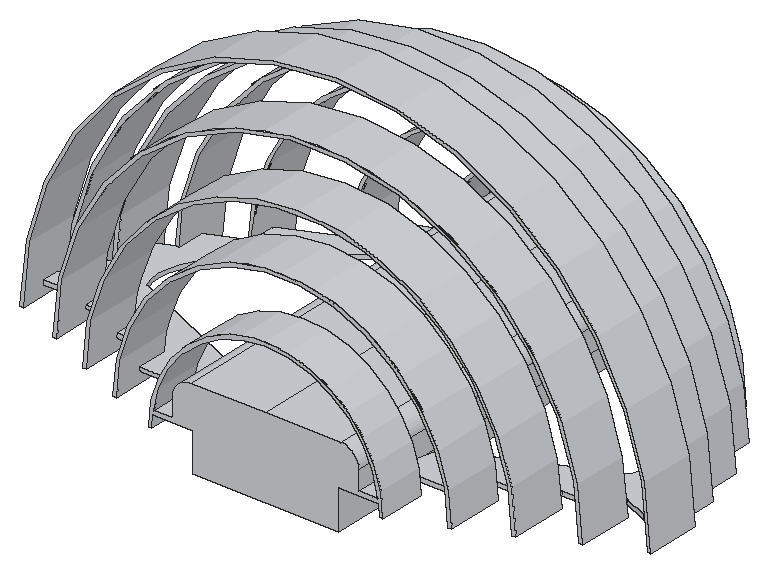
Revit family "CONV_Zero_GnrlPrpseLmnrs_PXLWall", category Lighting Fixtures, host Face, Revit 2015
Parameters (values of type "E27/max 20W Galvanized")
  Weight = "1.5 kg"
  Wattage = 3.50069 W
  WarrantyStartDate [instance] = "n/a"
  WarrantyGuarantorParts = "n/a"
  WarrantyGuarantorLabor = "n/a"
  WarrantyDurationUnit = "Year"
  WarrantyDurationParts = "n/a"
  WarrantyDurationLabor = "n/a"
  WarrantyDescription = "n/a"
  built-in parameter 1150110 = 1 (stored number, unit not read)
  VersionDate = "07/02/2018"  # constant formula
  Version = "1"  # constant formula
  UsageCurrent = 0 A
  Uniclass2015Reference = "Pr_70_70_48_85"
  Uniclass2015Description = "Surface luminaires"
  Uniclass2 = "Pr_70_70_49"
  URL = "https://www.zerolighting.com/pxl-inomva/"
  TotalWattage = 8 W
  built-in parameter 1114217 = 1 (stored number, unit not read)
  Tilt Angle = 0.00°
  built-in parameter 1150109 = 1 (stored number, unit not read)
  built-in parameter 1150134 = (empty or 0)
  TagNumber [instance] = "n/a"
  SustainabilityPerformance = "n/a"
  built-in parameter 1150113 = 1 (stored number, unit not read)
  Size = "350x230x190 mm"
  Shape = "Sculptured"
  SerialNumber [instance] = "n/a"
  Revision = "n/a"
  ReplacementCost = "n/a"
  ProductInformation = "n/a"
  Photometric Web File = "PXL7795-1.IES"
  PhaseReference = "n/a"
  PhaseAngle = 0.00°
  NumberOfSources = 0
  NumberOfPoles = 1
  NominalWidth = 230 mm
  NominalVoltageCalc = 0 V
  NominalVoltage = 230 V
  NominalLength = 350 mm
  NominalHeight = 190 mm
  NominalFrequencyRange = 50 Hz
  NominalCurrent = 0 A
  Name = "GnrlPrpseLmnrs_PXLWall"
  NBSReference = "90-60-50/405"
  NBSDescription = "General purpose luminaires"
  Model = "PXL wall E27/max 20W Galvanized"
  Manufacturer = "Zero"
  ModelReference = "n/a"
  ModelNumber = ArticleNumber  # "7773-1-83"
  Material = "Metal"
  ManufacturersSpecificInformation = "n/a"
  ManufacturerURL = "https://www.zerolighting.com/"
  ManufacturerName = "Zero"
  MaintenanceFactor = 0
  built-in parameter 1150105 = 116.79 (stored number, unit not read)
  Lumens = 520 lm
  built-in parameter 1150115 = 1 (stored number, unit not read)
  LightFixturePlacingType = "Wall"
  LightFixtureMountingType = "Surface"
  LightFixtureMainMaterial = Galvanized Metal
  built-in parameter 1150137 = (empty or 0)
  built-in parameter 1150139 = (empty or 0)
  built-in parameter 1150112 = 1 (stored number, unit not read)
  built-in parameter 1150114 = 1 (stored number, unit not read)
  InsulationStandardClass = "n/a"
  InstallationDate [instance] = "n/a"
  built-in parameter 1150132 = 2
  built-in parameter 1150102 = (empty or 0)
  built-in parameter 1150107 = 3000 (stored number, unit not read)
  built-in parameter 1150138 = (empty or 0)
  built-in parameter 1150106 = 1.1679 (stored number, unit not read)
  IfcExportType = "NOTDEFINED"  # constant formula
  IfcExportAs = "IfcLightFixtureType"  # constant formula
  IP_Code = "IP44"
  HasProtectiveEarth = yes
  Grade = "n/a"
  Finish = "Painted metal"
  Features = "Snap-in terminal block 3x4mm2. Knockout for external mains cable from above"
  ExpiringDate = "08/2018"  # constant formula
  ExpectedLife = "n/a"
  Emit from Rectangle Width = 609.6 mm
  Emit from Rectangle Length = 1219.2 mm
  Emit Shape Visible in Rendering = no
  ElectricalDeviceNominalPower = 0
  built-in parameter 1150104 = 13.8 (stored number, unit not read)
  EANNumber = "n/a"
  DurationUnit = "Year"
  Dimming Lamp Color Temperature Shift = <None>
  Dimming = "None"
  Designer = "Fredrik Mattson"
  Default Elevation = 0 mm
  ConvergoRefNr = "0046-1708-0079-SE"
  Constituents = "n/a"
  Color Filter = 16777215
  Color = "Metallic"
  Collection = "PXL"
  CodePerformance = "n/a"
  Category = "Wall"
  Brand = "Zero"
  Barcode [instance] = "n/a"
  built-in parameter 1114218 = 1 (stored number, unit not read)
  BIMObjectName = "CONV_Zero_GnrlPrpseLmnrs_PXLWall"
  Author = "Convergo AB"  # constant formula
  built-in parameter 1150133 = 10 (stored number, unit not read)
  AssetType = "Fixed"
  AssetIdentifier [instance] = "n/a"
  ArticleNumber = "7773-1-83"
  AccessibilityPerformance = "n/a"
Types (5, lengths in mm): name | Model | ModelNumber | LightFixtureMainMaterial | Color | ArticleNumber
  (no name) | "PXL wall E27/max 20W Galvanized" | "7773-1-83" | Galvanized Metal | "Metallic" | "7773-1-83"
  LED 8W White | "PXL wall LED 8W White" | "7795-1-01" | White Metal | "White" | "7795-1-01"
  E27/max 20W Galvanized | "PXL wall E27/max 20W Galvanized" | "7773-1-83" | Galvanized Metal | "Metallic" | "7773-1-83"
  E27/max 20W White | "PXL wall E27/max 20W White" | "7773-1-01" | White Metal | "White" | "7773-1-01"
  LED 8W Galvanized | "PXL wall LED 8W Galvanized" | "7795-1-83" | Galvanized Metal | "Metallic" | "7795-1-83"
Reference planes
  plane 1 "Center (Front/Back)": y = 0
  plane 2: z = 0
  plane 3 "Center (Left/Right)": x = 0
  plane 4: y = 115
  plane 5: y = -115
  plane 6: x = -175
  plane 7: x = 175
  plane 8: z = 190
Forms (mm)
  Extrusion 1, solid, material "Galvanized Metal" <- "LightFixtureMainMaterial", detail levels coarse
    sketch origin (0, 0, 0) x (0, 1, 0) y (0, 0, 1)
      loop
        line (115, 190) -> (-115, 190) -> (-115, 0) -> (115, 0) -> (115, 190)
    from -175 to 175
Dimensions and locks
  equal spacing: plane 4, plane 1 "Center (Front/Back)", plane 5
  "NominalWidth": plane 4 to plane 5
  equal spacing: plane 6, plane 3 "Center (Left/Right)", plane 7
  "NominalLength": plane 6 to plane 7
  "NominalHeight": plane 8 to host face
  aligned and locked: plane 2 to host face
  aligned and locked: level to host face
  aligned and locked: plane 8 to Extrusion 1 sketch curve
  aligned and locked: Extrusion 1 sketch curve to level
  aligned and locked: Extrusion 1 to plane 6
  aligned and locked: plane 7 to Extrusion 1
  aligned and locked: plane 4 to Extrusion 1
  aligned and locked: Extrusion 1 to plane 5
  aligned and locked: Extrusion 1 to host face
Automatic sketch dimensions
  host sketch curve to host sketch curve = 2438.4 mm  (x2)
  plane 5 to Extrusion 1 sketch curve = 0 mm
  Extrusion 1 sketch curve to plane 4 = 0 mm
Nested families
  nested 1: "pxl_out" at (0, 0, 0), type "pxl_out"
    with Main none
Connectors
  electrical at (0, 0, 0), driven by "NominalVoltage"
    settings: on Extrusion 1, index 1, voltage 230 V, apparent load 0 VA, apparent load phase1 0 VA, apparent load phase2 0 VA, apparent load phase3 0 VA, power factor 1, load classification "Other", number of poles 1, system type 31, power factor state 1, is connector primary yes, connector utility no, sub classification motor no, connector description ""
Definition of nested family "pxl_out"
  Parameters (values of type "pxl_out")
    Main [instance] = none
  Reference planes
    plane 1 "Center (Front/Back)": y = 0
    plane 2: z = 0
    plane 3 "Center (Left/Right)": x = 0
    plane 4: y = 115
    plane 5: y = -115
    plane 6: x = 175
    plane 7: x = -175
    plane 8: z = 190
  Forms (mm)
    Extrusion 1, solid, material <- "Main", detail levels medium+fine
      sketch origin (0, 0, 0) x (1, 0, 0) y (0, 0, 1)
        loop
          arc (175, 15) -> (0, 190) -> (-175, 15) r 175
          line (-175, 15) -> (-173, 15)
          arc (-173, 15) -> (0, 188) -> (173, 15) r 173
          line (173, 15) -> (175, 15)
      from 36.5 to 66.5
    Extrusion 2, solid, material <- "Main", detail levels medium+fine
      sketch origin (0, 0, 0) x (1, 0, 0) y (0, 0, 1)
        loop
          line (-167.497, 15) -> (-165.497, 15)
          arc (-165.497, 15) -> (0.003, 180.5) -> (165.503, 15) r 165.5
          line (165.503, 15) -> (167.503, 15)
          arc (167.503, 15) -> (0.003, 182.5) -> (-167.497, 15) r 167.5
      from 14.5 to 44.5
    Extrusion 3, solid, material <- "Main", detail levels medium+fine
      sketch origin (0, 0, 0) x (1, 0, 0) y (0, 0, 1)
        loop
          arc (160, 15) -> (0, 175) -> (-160, 15) r 160
          line (-160, 15) -> (-158, 15)
          arc (-158, 15) -> (0, 173) -> (158, 15) r 158
          line (158, 15) -> (160, 15)
      from -11.194 to 22.5
    Extrusion 4, solid, material <- "Main", detail levels medium+fine
      sketch origin (0, 0, 0) x (1, 0, 0) y (0, 0, 1)
        loop
          arc (147, 15) -> (0, 162) -> (-147, 15) r 147
          line (-147, 15) -> (-145, 15)
          arc (-145, 15) -> (0, 160) -> (145, 15) r 145
          line (145, 15) -> (147, 15)
      from -35.878 to -4.99
    Extrusion 5, solid, material <- "Main", detail levels medium+fine
      sketch origin (0, 0, 0) x (1, 0, 0) y (0, 0, 1)
        loop
          line (-126, 15) -> (-124, 15)
          arc (-124, 15) -> (0, 139) -> (124, 15) r 124
          line (124, 15) -> (126, 15)
          arc (126, 15) -> (0, 141) -> (-126, 15) r 126
      from -60.428 to -29.407
    Extrusion 6, solid, material <- "Main", detail levels medium+fine
      sketch origin (0, 0, 0) x (1, 0, 0) y (0, 0, 1)
        loop
          arc (120, 15) -> (0, 135) -> (-120, 15) r 120
          line (-120, 15) -> (-118, 15)
          arc (-118, 15) -> (0, 133) -> (118, 15) r 118
          line (118, 15) -> (120, 15)
      from 59.988 to 91.775
    Extrusion 7, solid, material <- "Main", detail levels medium+fine
      sketch origin (0, -83.883, 0) x (1, 0, 0) y (0, 0, 1)
        loop
          arc (147, 15) -> (0, 162) -> (-147, 15) r 147
          line (-147, 15) -> (-145, 15)
          arc (-145, 15) -> (0, 160) -> (145, 15) r 145
          line (145, 15) -> (147, 15)
      from -35.878 to -4.99
    Extrusion 8, solid, material <- "Main", detail levels medium+fine
      sketch origin (0, 0, 0) x (1, 0, 0) y (0, 0, 1)
        loop
          arc (94, 15) -> (0, 109) -> (-94, 15) r 94
          line (-94, 15) -> (-92, 15)
          arc (-92, 15) -> (0, 107) -> (92, 15) r 92
          line (92, 15) -> (94, 15)
      from -90.347 to -58.279
    Extrusion 9, solid, material <- "Main", detail levels medium+fine
      sketch origin (0, 0, 0) x (1, 0, 0) y (0, 0, 1)
        loop
          arc (65, 15) -> (0, 80) -> (-65, 15) r 65
          line (-65, 15) -> (-63, 15)
          arc (-63, 15) -> (0, 78) -> (63, 15) r 63
          line (63, 15) -> (65, 15)
      from -115 to -88.667
    Extrusion 10, solid, material <- "Main", detail levels medium+fine
      sketch origin (0, -203.667, 0) x (1, 0, 0) y (0, 0, 1)
        loop
          arc (65, 15) -> (0, 80) -> (-65, 15) r 65
          line (-65, 15) -> (-63, 15)
          arc (-63, 15) -> (0, 78) -> (63, 15) r 63
          line (63, 15) -> (65, 15)
      from -115 to -88.667
    Extrusion 11, solid, material <- "Main", detail levels medium+fine
      sketch origin (0, -161.87, 0) x (1, 0, 0) y (0, 0, 1)
        loop
          arc (94, 15) -> (0, 109) -> (-94, 15) r 94
          line (-94, 15) -> (-92, 15)
          arc (-92, 15) -> (0, 107) -> (92, 15) r 92
          line (92, 15) -> (94, 15)
      from -90.347 to -58.279
    Extrusion 12, solid, material <- "Main", detail levels medium+fine
      sketch origin (0, 0, 0) x (1, 0, 0) y (0, 0, 1)
        loop
          arc (51.669, 34.617) -> (48.74, 41.688) -> (41.669, 44.617) r 10
          line (41.669, 44.617) -> (0, 44.617) -> (-41.669, 44.617)
          arc (-41.669, 44.617) -> (-48.74, 41.688) -> (-51.669, 34.617) r 10
          line (-51.669, 34.617) -> (-51.669, 21.7) -> (-40.424, 21.7) -> (-40.424, 0) -> (0, 0) -> (40.424, 0) -> (40.424, 21.7) -> (51.669, 21.7) -> (51.669, 34.617)
      from -100 to 115
    Extrusion 13, solid, material <- "Main", detail levels medium+fine
      sketch origin (0, 0, 0) x (0, 1, 0) y (0, 0, 1)
        loop
          line (51.586, 139) -> (29.407, 139) -> (17.767, 160) -> (4.99, 160) -> (-8.01, 173) -> (-22.5, 173) -> (-30, 180.5) -> (-44.5, 180.5) -> (-45.726, 184.509) -> (-54.646, 184.509) -> (-54.646, 179.509) -> (-49.426, 179.509) -> (-48.2, 175.5) -> (-32.071, 175.5) -> (-24.571, 168) -> (-10.081, 168) -> (2.919, 155) -> (14.821, 155) -> (26.462, 134) -> (51.586, 134) -> (51.586, 139)
      from -1 to 1
    Extrusion 14, solid, material <- "Main", detail levels medium+fine
      sketch origin (0, 0, 0) x (1, 0, 0) y (0, 1, 0)
        loop
          line (0, 100) -> (-63, 100) -> (-63, 88.667) -> (-92, 78.112) -> (-92, 58.279) -> (-124, 44.032) -> (-124, 29.407) -> (-145, 20.057) -> (-145, 4.99) -> (-158, -0.798) -> (-158, -22.5) -> (-164.003, -25.173) -> (-164.003, -44.5) -> (-173, -44.5) -> (-173, -54.5) -> (-161.438, -54.5) -> (-146.849, -48.004) -> (-145, -48.004) -> (-145, -59.988) -> (-120, -59.988) -> (-118, -59.988) -> (-118, -71.523) -> (-92, -71.523) -> (-92, -88.667) -> (-63, -88.667) -> (-63, -115) -> (0, -115) -> (63, -115) -> (63, -88.667) -> (92, -88.667) -> (92, -71.523) -> (118, -71.523) -> (118, -59.988) -> (120, -59.988) -> (145, -59.988) -> (145, -48.004) -> (146.849, -48.004) -> (161.438, -54.5) -> (173, -54.5) -> (173, -44.5) -> (164.003, -44.5) -> (164.003, -25.173) -> (158, -22.5) -> (158, -0.798) -> (145, 4.99) -> (145, 20.057) -> (124, 29.407) -> (124, 44.032) -> (92, 58.279) -> (92, 78.112) -> (63, 88.667) -> (63, 100) -> (0, 100)
        loop
          arc (134.028, -30.031) -> (135.631, -12.752) -> (127.148, 2.385) r 29.201
          line (127.148, 2.385) -> (46.967, 78.329) -> (0, 78.329) -> (-46.967, 78.329) -> (-127.148, 2.385)
          arc (-127.148, 2.385) -> (-135.631, -12.752) -> (-134.028, -30.031) r 29.201
          line (-134.028, -30.031) -> (-56.377, -64.603) -> (-51.669, -82.562) -> (0, -82.562) -> (51.669, -82.562) -> (56.377, -64.603) -> (134.028, -30.031)
      from 21.7 to 24.033
  Cuts and joins
    joined: Extrusion 5, Extrusion 6, Extrusion 8, Extrusion 9, Extrusion 10, Extrusion 11, Extrusion 12, Extrusion 14
  Lines and regions (mm)
    symbolic lines, detail levels medium+fine
      curve 1: line (65, 115, 0) -> (-65, 115, 0)
      curve 2: line (94, 90.347, 0) -> (65, 90.347, 0)
      curve 3: line (126, 60.428, 0) -> (94, 60.428, 0)
      curve 4: line (147, 35.878, 0) -> (126, 35.878, 0)
      curve 5: line (160, 11.194, 0) -> (147, 11.194, 0)
      curve 6: line (167.503, -14.5, 0) -> (160, -14.5, 0)
      curve 7: line (175, -36.5, 0) -> (167.503, -36.5, 0)
      curve 8: line (-175, -66.5, 0) -> (-147, -66.5, 0)
      curve 9: line (-147, -78.893, 0) -> (-120, -78.893, 0)
      curve 10: line (-120, -91.775, 0) -> (-94, -91.775, 0)
      curve 11: line (-94, -103.591, 0) -> (-65, -103.591, 0)
      curve 12: line (-65, -115, 0) -> (65, -115, 0)
      curve 13: line (-65, 115, 0) -> (-65, 90.347, 0)
      curve 14: line (-94, 90.347, 0) -> (-94, 60.428, 0)
      curve 15: line (-126, 60.428, 0) -> (-126, 35.878, 0)
      curve 16: line (-147, 35.878, 0) -> (-147, 11.194, 0)
      curve 17: line (-160, 11.194, 0) -> (-160, -14.5, 0)
      curve 18: line (-167.497, -14.5, 0) -> (-167.497, -36.5, 0)
      curve 19: line (-175, -36.5, 0) -> (-175, -66.5, 0)
      curve 20: line (-147, -66.5, 0) -> (-147, -78.893, 0)
      curve 21: line (-120, -78.893, 0) -> (-120, -91.775, 0)
      curve 22: line (-94, -91.775, 0) -> (-94, -103.591, 0)
      curve 23: line (-65, -103.591, 0) -> (-65, -115, 0)
      curve 24: line (65, 115, 0) -> (65, 90.347, 0)
      curve 25: line (94, 90.347, 0) -> (94, 60.428, 0)
      curve 26: line (126, 60.428, 0) -> (126, 35.878, 0)
      curve 27: line (147, 35.878, 0) -> (147, 11.194, 0)
      curve 28: line (160, 11.194, 0) -> (160, -14.5, 0)
      curve 29: line (167.503, -14.5, 0) -> (167.503, -36.5, 0)
      curve 30: line (175, -36.5, 0) -> (175, -66.5, 0)
      curve 31: line (147, -66.5, 0) -> (147, -78.893, 0)
      curve 32: line (120, -78.893, 0) -> (120, -91.775, 0)
      curve 33: line (94, -91.775, 0) -> (94, -103.591, 0)
      curve 34: line (65, -103.591, 0) -> (65, -115, 0)
      curve 35: line (-65, 90.347, 0) -> (-94, 90.347, 0)
      curve 37: line (-94, 60.428, 0) -> (-126, 60.428, 0)
      curve 39: line (-126, 35.878, 0) -> (-147, 35.878, 0)
      curve 42: line (-147, 11.194, 0) -> (-160, 11.194, 0)
      curve 43: line (-160, -14.5, 0) -> (-167.497, -14.5, 0)
      curve 46: line (147, -66.5, 0) -> (175, -66.5, 0)
      curve 47: line (120, -78.893, 0) -> (147, -78.893, 0)
      curve 50: line (94, -91.775, 0) -> (120, -91.775, 0)
      curve 51: line (65, -103.591, 0) -> (94, -103.591, 0)
      curve 53: line (0, 115, 15) -> (0, 115, 80)
      curve 60: line (0, -66.5, 190) -> (0, -66.5, 162)
      curve 61: line (0, -78.893, 162) -> (0, -78.893, 135)
      curve 62: line (0, -91.775, 135) -> (0, -91.775, 109)
      curve 63: line (0, -103.591, 109) -> (0, -103.591, 80)
      curve 64: line (0, -115, 80) -> (0, -115, 0)
      curve 65: line (0, -115, 0) -> (0, 100, 0)
      curve 66: line (0, 115, 15) -> (0, 100, 15)
      curve 67: line (0, 100, 0) -> (0, 100, 15)
      curve 68: line (0, 115, 80) -> (0, 90.347, 80)
      curve 69: line (0, 90.347, 109) -> (0, 60.428, 109)
      curve 70: line (0, 60.428, 141) -> (0, 35.878, 141)
      curve 71: line (0, 35.878, 162) -> (0, 11.194, 162)
      curve 72: line (0, 11.194, 175) -> (0, -14.5, 175)
      curve 73: line (0, -14.5, 182.5) -> (0, -36.5, 182.5)
      curve 74: line (0, -36.5, 190) -> (0, -66.5, 190)
      curve 75: line (0, -78.893, 162) -> (0, -66.5, 162)
      curve 76: line (0, -91.775, 135) -> (0, -78.893, 135)
      curve 77: line (0, -103.591, 109) -> (0, -91.775, 109)
      curve 78: line (0, -115, 80) -> (0, -103.591, 80)
      curve 79: line (0, 90.347, 80) -> (0, 90.347, 109)
      curve 80: line (0, 60.428, 109) -> (0, 60.428, 141)
      curve 81: line (0, 35.878, 141) -> (0, 35.878, 162)
      curve 82: line (0, 11.194, 162) -> (0, 11.194, 175)
      curve 83: line (0, -14.5, 175) -> (0, -14.5, 182.5)
      curve 84: line (0, -36.5, 182.5) -> (0, -36.5, 190)
      curve 90: arc (175, 0, 15) -> (0, 0, 190) -> (-175, 0, 15) r 175
      curve 91: arc (-173, 0, 15) -> (-172.968, 0, 18.351) -> (-172.87, 0, 21.7) r 173
      curve 92: arc (167.503, 0, 15) -> (167.469, 0, 18.351) -> (167.369, 0, 21.7) r 167.5
      curve 93: arc (-165.497, 0, 15) -> (-165.463, 0, 18.351) -> (-165.362, 0, 21.7) r 165.5
      curve 94: arc (160, 0, 15) -> (159.965, 0, 18.351) -> (159.86, 0, 21.7) r 160
      curve 95: arc (-158, 0, 15) -> (-157.965, 0, 18.351) -> (-157.858, 0, 21.7) r 158
      curve 96: arc (147, 0, 15) -> (146.962, 0, 18.351) -> (146.847, 0, 21.7) r 147
      curve 97: arc (-145, 0, 15) -> (-144.961, 0, 18.351) -> (-144.845, 0, 21.7) r 145
      curve 98: arc (126, 0, 15) -> (125.955, 0, 18.351) -> (125.822, 0, 21.7) r 126
      curve 99: arc (-124, 0, 15) -> (-123.955, 0, 18.351) -> (-123.819, 0, 21.7) r 124
      curve 100: arc (120, 0, 15) -> (119.953, 0, 18.351) -> (119.813, 0, 21.7) r 120
      curve 101: arc (-118, 0, 15) -> (-117.952, 0, 18.351) -> (-117.81, 0, 21.7) r 118
      curve 102: arc (94, 0, 15) -> (93.94, 0, 18.352) -> (93.761, 0, 21.7) r 94
      curve 103: arc (-92, 0, 15) -> (-91.939, 0, 18.352) -> (-91.756, 0, 21.7) r 92
      curve 104: arc (65, 0, 15) -> (64.913, 0, 18.355) -> (64.654, 0, 21.7) r 65
      curve 105: arc (-63, 0, 15) -> (-62.911, 0, 18.355) -> (-62.643, 0, 21.7) r 63
      curve 107: line (-172.87, 0, 21.7) -> (-167.363, 0, 21.7)
      curve 111: line (-40.424, 0, 21.7) -> (-40.424, 0, 0)
      curve 112: line (-40.424, 0, 0) -> (0, 0, 0)
      curve 113: line (0, 0, 0) -> (40.424, 0, 0)
      curve 114: line (40.424, 0, 0) -> (40.424, 0, 21.7)
      curve 118: line (-175, 0, 15) -> (-173, 0, 15)
      curve 119: line (-167.497, 0, 15) -> (-165.497, 0, 15)
      curve 120: line (-160, 0, 15) -> (-158, 0, 15)
      curve 121: line (-147, 0, 15) -> (-145, 0, 15)
      curve 122: line (-126, 0, 15) -> (-124, 0, 15)
      curve 123: line (-120, 0, 15) -> (-118, 0, 15)
      curve 124: line (-94, 0, 15) -> (-92, 0, 15)
      curve 125: line (-65, 0, 15) -> (-63, 0, 15)
      curve 126: line (63, 0, 15) -> (65, 0, 15)
      curve 127: line (92, 0, 15) -> (94, 0, 15)
      curve 128: line (118, 0, 15) -> (120, 0, 15)
      curve 129: line (124, 0, 15) -> (126, 0, 15)
      curve 130: line (145, 0, 15) -> (147, 0, 15)
      curve 131: line (158, 0, 15) -> (160, 0, 15)
      curve 132: line (165.503, 0, 15) -> (167.503, 0, 15)
      curve 133: line (173, 0, 15) -> (175, 0, 15)
      curve 135: line (-165.362, 0, 21.7) -> (-159.86, 0, 21.7)
      curve 137: line (-157.858, 0, 21.7) -> (-146.847, 0, 21.7)
      curve 139: line (-144.845, 0, 21.7) -> (-125.822, 0, 21.7)
      curve 141: line (-123.819, 0, 21.7) -> (-119.813, 0, 21.7)
      curve 143: line (-117.81, 0, 21.7) -> (-93.761, 0, 21.7)
      curve 145: line (-91.756, 0, 21.7) -> (-64.654, 0, 21.7)
      curve 147: line (-62.643, 0, 21.7) -> (-51.669, 0, 21.7)
      curve 149: line (-51.669, 0, 21.7) -> (-40.424, 0, 21.7)
      curve 155: line (167.369, 0, 21.7) -> (172.87, 0, 21.7)
      curve 156: line (159.86, 0, 21.7) -> (165.367, 0, 21.7)
      curve 158: line (146.847, 0, 21.7) -> (157.858, 0, 21.7)
      curve 160: line (125.822, 0, 21.7) -> (144.845, 0, 21.7)
      curve 162: line (119.813, 0, 21.7) -> (123.819, 0, 21.7)
      curve 164: line (93.761, 0, 21.7) -> (117.81, 0, 21.7)
      curve 166: line (64.654, 0, 21.7) -> (91.756, 0, 21.7)
      curve 169: arc (-167.363, 0, 21.7) -> (-167.464, 0, 18.351) -> (-167.497, 0, 15) r 167.5
      curve 171: arc (-159.86, 0, 21.7) -> (-159.965, 0, 18.351) -> (-160, 0, 15) r 160
      curve 173: arc (-146.847, 0, 21.7) -> (-146.962, 0, 18.351) -> (-147, 0, 15) r 147
      curve 175: arc (-125.822, 0, 21.7) -> (-125.955, 0, 18.351) -> (-126, 0, 15) r 126
      curve 177: arc (-119.813, 0, 21.7) -> (-119.953, 0, 18.351) -> (-120, 0, 15) r 120
      curve 179: arc (-93.761, 0, 21.7) -> (-93.94, 0, 18.352) -> (-94, 0, 15) r 94
      curve 181: arc (-64.654, 0, 21.7) -> (-64.913, 0, 18.355) -> (-65, 0, 15) r 65
      curve 183: arc (62.643, 0, 21.7) -> (62.911, 0, 18.355) -> (63, 0, 15) r 63
      curve 185: arc (91.756, 0, 21.7) -> (91.939, 0, 18.352) -> (92, 0, 15) r 92
      curve 187: arc (117.81, 0, 21.7) -> (117.952, 0, 18.351) -> (118, 0, 15) r 118
      curve 189: arc (123.819, 0, 21.7) -> (123.955, 0, 18.351) -> (124, 0, 15) r 124
      curve 191: arc (144.845, 0, 21.7) -> (144.961, 0, 18.351) -> (145, 0, 15) r 145
      curve 193: arc (157.858, 0, 21.7) -> (157.964, 0, 18.351) -> (158, 0, 15) r 158
      curve 195: arc (165.367, 0, 21.7) -> (165.469, 0, 18.351) -> (165.503, 0, 15) r 165.5
      curve 197: arc (172.87, 0, 21.7) -> (172.968, 0, 18.351) -> (173, 0, 15) r 173
      curve 198: line (40.424, 0, 21.7) -> (62.643, 0, 21.7)
      curve 199: line (-167.497, -36.5, 0) -> (-175, -36.5, 0)
    symbolic lines, detail levels fine
      curve 36: line (65, 90.347, 0) -> (-65, 90.347, 0)
      curve 38: line (94, 60.428, 0) -> (-94, 60.428, 0)
      curve 40: line (126, 35.878, 0) -> (-126, 35.878, 0)
      curve 41: line (147, 11.194, 0) -> (-147, 11.194, 0)
      curve 44: line (160, -14.5, 0) -> (-160, -14.5, 0)
      curve 45: line (-147, -66.5, 0) -> (147, -66.5, 0)
      curve 48: line (-120, -78.893, 0) -> (120, -78.893, 0)
      curve 49: line (-94, -91.775, 0) -> (94, -91.775, 0)
      curve 52: line (-65, -103.591, 0) -> (65, -103.591, 0)
      curve 54: line (0, 90.347, 15) -> (0, 90.347, 80)
      curve 55: line (0, 60.428, 15) -> (0, 60.428, 109)
      curve 56: line (0, 35.878, 15) -> (0, 35.878, 141)
      curve 57: line (0, 11.194, 15) -> (0, 11.194, 162)
      curve 58: line (0, -14.5, 15) -> (0, -14.5, 175)
      curve 59: line (0, -36.5, 15) -> (0, -36.5, 182.5)
      curve 85: line (0, -66.5, 162) -> (0, -66.5, 15)
      curve 86: line (0, -78.893, 135) -> (0, -78.893, 15)
      curve 87: line (0, -91.775, 109) -> (0, -91.775, 15)
      curve 88: line (0, -103.591, 80) -> (0, -103.591, 15)
      curve 89: line (0, 100, 15) -> (0, -115, 15)
      curve 106: line (172.764, 0, 24.033) -> (167.259, 0, 24.033)
      curve 108: line (0, 0, 44.617) -> (-41.669, 0, 44.617)
      curve 109: arc (-41.669, 0, 44.617) -> (-48.74, 0, 41.688) -> (-51.669, 0, 34.617) r 10
      curve 110: line (-51.669, 0, 34.617) -> (-51.669, 0, 24.033)
      curve 115: line (41.669, 0, 44.617) -> (0, 0, 44.617)
      curve 116: arc (51.669, 0, 34.617) -> (48.74, 0, 41.688) -> (41.669, 0, 44.617) r 10
      curve 117: line (51.669, 0, 21.7) -> (51.669, 0, 24.033)
      curve 134: line (-167.253, 0, 24.033) -> (-172.764, 0, 24.033)
      curve 136: line (-159.745, 0, 24.033) -> (-165.251, 0, 24.033)
      curve 138: line (-146.722, 0, 24.033) -> (-157.742, 0, 24.033)
      curve 140: line (-125.676, 0, 24.033) -> (-144.718, 0, 24.033)
      curve 142: line (-119.66, 0, 24.033) -> (-123.671, 0, 24.033)
      curve 144: line (-93.565, 0, 24.033) -> (-117.654, 0, 24.033)
      curve 146: line (-64.369, 0, 24.033) -> (-91.555, 0, 24.033)
      curve 148: line (-51.669, 0, 24.033) -> (-51.669, 0, 21.7)
      curve 150: line (-40.424, 0, 21.7) -> (40.424, 0, 21.7)
      curve 151: line (-51.669, 0, 24.033) -> (-62.349, 0, 24.033)
      curve 152: line (51.669, 0, 24.033) -> (51.669, 0, 34.617)
      curve 153: line (165.256, 0, 24.033) -> (159.745, 0, 24.033)
      curve 154: arc (167.259, 0, 24.033) -> (-1.165, 0, 182.496) -> (-167.363, 0, 21.7) r 167.5
      curve 157: line (157.741, 0, 24.033) -> (146.722, 0, 24.033)
      curve 159: line (144.718, 0, 24.033) -> (125.676, 0, 24.033)
      curve 161: line (123.671, 0, 24.033) -> (119.66, 0, 24.033)
      curve 163: line (117.654, 0, 24.033) -> (93.565, 0, 24.033)
      curve 165: line (91.555, 0, 24.033) -> (64.369, 0, 24.033)
      curve 167: line (62.349, 0, 24.033) -> (51.669, 0, 24.033)
      curve 168: arc (-172.87, 0, 21.7) -> (0, 0, 188) -> (172.87, 0, 21.7) r 173
      curve 170: arc (-165.362, 0, 21.7) -> (0.003, 0, 180.5) -> (165.367, 0, 21.7) r 165.5
      curve 172: arc (-157.858, 0, 21.7) -> (0, 0, 173) -> (157.858, 0, 21.7) r 158
      curve 174: arc (-144.845, 0, 21.7) -> (0, 0, 160) -> (144.845, 0, 21.7) r 145
      curve 176: arc (-123.819, 0, 21.7) -> (0, 0, 139) -> (123.819, 0, 21.7) r 124
      curve 178: arc (-117.81, 0, 21.7) -> (0, 0, 133) -> (117.81, 0, 21.7) r 118
      curve 180: arc (-91.756, 0, 21.7) -> (0, 0, 107) -> (91.756, 0, 21.7) r 92
      curve 182: arc (-62.643, 0, 21.7) -> (0, 0, 78) -> (62.643, 0, 21.7) r 63
      curve 184: arc (64.654, 0, 21.7) -> (0, 0, 80) -> (-64.654, 0, 21.7) r 65
      curve 186: arc (93.761, 0, 21.7) -> (0, 0, 109) -> (-93.761, 0, 21.7) r 94
      curve 188: arc (119.813, 0, 21.7) -> (0, 0, 135) -> (-119.813, 0, 21.7) r 120
      curve 190: arc (125.822, 0, 21.7) -> (0, 0, 141) -> (-125.822, 0, 21.7) r 126
      curve 192: arc (146.847, 0, 21.7) -> (0, 0, 162) -> (-146.847, 0, 21.7) r 147
      curve 194: arc (159.86, 0, 21.7) -> (0, 0, 175) -> (-159.86, 0, 21.7) r 160
      curve 196: arc (167.369, 0, 21.7) -> (167.318, 0, 22.867) -> (167.259, 0, 24.033) r 167.5
      curve 200: line (167.503, -36.5, 0) -> (-167.497, -36.5, 0)
  Dimensions and locks
    equal spacing: plane 4, plane 1 "Center (Front/Back)", plane 5
    plane 4 to plane 5 = 230 mm
    equal spacing: plane 7, plane 3 "Center (Left/Right)", plane 6
    plane 7 to plane 6 = 350 mm
    plane 8 to level = 190 mm
    aligned and locked: level to plane 2
    aligned and locked: curve 1 to cut or joined group 1 (Extrusion 5, Extrusion 6, Extrusion 8, Extrusion 9, Extrusion 10, Extrusion 11, Extrusion 12, Extrusion 14)
    aligned and locked: curve 2 to cut or joined group 1
    aligned and locked: curve 3 to cut or joined group 1
    aligned and locked: curve 4 to Extrusion 4
    aligned and locked: curve 5 to Extrusion 3
    aligned and locked: Extrusion 2 to curve 6
    aligned and locked: curve 7 to Extrusion 1
    aligned and locked: curve 8 to Extrusion 1
    aligned and locked: curve 9 to Extrusion 7
    aligned and locked: curve 10 to cut or joined group 1
    aligned and locked: curve 11 to cut or joined group 1
    aligned and locked: curve 12 to cut or joined group 1
    aligned and locked: curve 29 to Extrusion 2
    aligned and locked: curve 53 to cut or joined group 1
    aligned and locked: curve 54 to cut or joined group 1
    aligned and locked: cut or joined group 1 to curve 55
    aligned and locked: Extrusion 4 to curve 56
    aligned and locked: Extrusion 3 to curve 57
    aligned and locked: Extrusion 2 to curve 58
    aligned and locked: Extrusion 1 to curve 59
    aligned and locked: curve 60 to Extrusion 1
    aligned and locked: curve 61 to Extrusion 7
    aligned and locked: curve 62 to cut or joined group 1
    aligned and locked: curve 63 to cut or joined group 1
    aligned and locked: curve 64 to cut or joined group 1
    aligned and locked: curve 65 to cut or joined group 1
    aligned and locked: curve 90 to Extrusion 1
    aligned and locked: curve 91 to Extrusion 1
    aligned and locked: curve 92 to Extrusion 2
    aligned and locked: curve 93 to Extrusion 2
    aligned and locked: curve 94 to Extrusion 3
    aligned and locked: curve 95 to Extrusion 3
    aligned and locked: curve 96 to Extrusion 7
    aligned and locked: curve 97 to Extrusion 7
    aligned and locked: curve 98 to cut or joined group 1
    aligned and locked: curve 99 to cut or joined group 1
    aligned and locked: curve 100 to cut or joined group 1
    aligned and locked: curve 101 to cut or joined group 1
    aligned and locked: curve 102 to cut or joined group 1
    aligned and locked: curve 103 to cut or joined group 1
    aligned and locked: curve 104 to cut or joined group 1
    aligned and locked: curve 105 to cut or joined group 1
    aligned and locked: cut or joined group 1 to curve 106
    aligned and locked: cut or joined group 1 to curve 107
    aligned and locked: curve 108 to cut or joined group 1
    aligned and locked: curve 109 to cut or joined group 1
    aligned and locked: curve 111 to cut or joined group 1
    aligned and locked: curve 112 to cut or joined group 1
    aligned and locked: curve 113 to cut or joined group 1
    aligned and locked: curve 114 to cut or joined group 1
    aligned and locked: curve 116 to cut or joined group 1
    aligned and locked: curve 117 to cut or joined group 1
    aligned and locked: curve 118 to Extrusion 1
    aligned and locked: curve 119 to Extrusion 2
    aligned and locked: curve 120 to Extrusion 3
    aligned and locked: curve 121 to Extrusion 7
    aligned and locked: curve 122 to cut or joined group 1
    aligned and locked: curve 123 to cut or joined group 1
    aligned and locked: curve 124 to cut or joined group 1
    aligned and locked: curve 125 to cut or joined group 1
    aligned and locked: curve 126 to cut or joined group 1
    aligned and locked: curve 127 to cut or joined group 1
    aligned and locked: curve 128 to cut or joined group 1
    aligned and locked: curve 129 to cut or joined group 1
    aligned and locked: curve 130 to Extrusion 7
    aligned and locked: curve 131 to Extrusion 3
    aligned and locked: curve 132 to Extrusion 2
    aligned and locked: curve 133 to Extrusion 1
  Automatic sketch dimensions
    Extrusion 1 sketch curve to Extrusion 1 sketch curve = 0 mm  (x2)
    Extrusion 1 sketch curve to plane 7 = 0 mm
    Extrusion 1 sketch curve to plane 3 "Center (Left/Right)" = 0 mm
    Extrusion 1 sketch curve to Extrusion 1 sketch curve = 2 mm
    level to Extrusion 1 sketch curve = 15 mm  (x2)
    Extrusion 3 sketch curve to Extrusion 3 sketch curve = 0 mm  (x2)
    plane 7 to Extrusion 3 sketch curve = 15 mm
    Extrusion 3 sketch curve to Extrusion 3 sketch curve = 2 mm
    Extrusion 3 sketch curve to plane 3 "Center (Left/Right)" = 0 mm
    level to Extrusion 3 sketch curve = 15 mm
    Extrusion 4 sketch curve to Extrusion 4 sketch curve = 0 mm  (x2)
    Extrusion 4 sketch curve to plane 3 "Center (Left/Right)" = 0 mm
    level to Extrusion 4 sketch curve = 15 mm
    plane 7 to Extrusion 4 sketch curve = 30 mm
    Extrusion 4 sketch curve to Extrusion 4 sketch curve = 2 mm
    Extrusion 5 sketch curve to Extrusion 5 sketch curve = 0 mm  (x2)
    Extrusion 5 sketch curve to plane 3 "Center (Left/Right)" = 0 mm
    level to Extrusion 5 sketch curve = 15 mm
    plane 7 to Extrusion 5 sketch curve = 51 mm
    Extrusion 5 sketch curve to Extrusion 5 sketch curve = 2 mm
    Extrusion 6 sketch curve to Extrusion 6 sketch curve = 0 mm  (x2)
    Extrusion 6 sketch curve to plane 3 "Center (Left/Right)" = 0 mm
    level to Extrusion 6 sketch curve = 15 mm
    plane 7 to Extrusion 6 sketch curve = 57 mm
    Extrusion 6 sketch curve to Extrusion 6 sketch curve = 2 mm
    Extrusion 7 sketch curve to Extrusion 7 sketch curve = 0 mm  (x2)
    Extrusion 7 sketch curve to plane 3 "Center (Left/Right)" = 0 mm
    level to Extrusion 7 sketch curve = 15 mm
    plane 7 to Extrusion 7 sketch curve = 30 mm
    Extrusion 7 sketch curve to Extrusion 7 sketch curve = 2 mm
    Extrusion 8 sketch curve to Extrusion 8 sketch curve = 0 mm  (x2)
    Extrusion 8 sketch curve to plane 3 "Center (Left/Right)" = 0 mm
    level to Extrusion 8 sketch curve = 15 mm
    plane 7 to Extrusion 8 sketch curve = 83 mm
    Extrusion 8 sketch curve to Extrusion 8 sketch curve = 2 mm
    Extrusion 9 sketch curve to Extrusion 9 sketch curve = 0 mm  (x2)
    Extrusion 9 sketch curve to plane 3 "Center (Left/Right)" = 0 mm
    level to Extrusion 9 sketch curve = 15 mm
    Extrusion 9 sketch curve to plane 3 "Center (Left/Right)" = 63 mm
    Extrusion 9 sketch curve to Extrusion 9 sketch curve = 2 mm
    Extrusion 10 sketch curve to Extrusion 10 sketch curve = 0 mm  (x2)
    Extrusion 10 sketch curve to plane 3 "Center (Left/Right)" = 0 mm
    level to Extrusion 10 sketch curve = 15 mm
    Extrusion 10 sketch curve to plane 3 "Center (Left/Right)" = 63 mm
    Extrusion 10 sketch curve to Extrusion 10 sketch curve = 2 mm
    Extrusion 11 sketch curve to Extrusion 11 sketch curve = 0 mm  (x2)
    Extrusion 11 sketch curve to plane 3 "Center (Left/Right)" = 0 mm
    level to Extrusion 11 sketch curve = 15 mm
    plane 7 to Extrusion 11 sketch curve = 83 mm
    Extrusion 11 sketch curve to Extrusion 11 sketch curve = 2 mm
    Extrusion 12 sketch curve to level = 0 mm
    Extrusion 12 sketch curve to plane 3 "Center (Left/Right)" = 0 mm  (x2)
    Extrusion 12 sketch curve to Extrusion 12 sketch curve = 40.424 mm
    Extrusion 12 sketch curve to Extrusion 12 sketch curve = 1.245 mm  (x2)
    Extrusion 12 sketch curve to Extrusion 12 sketch curve = 10 mm  (x2)
    plane 3 "Center (Left/Right)" to Extrusion 12 sketch curve = 40.424 mm
    level to Extrusion 12 sketch curve = 21.7 mm  (x2)
    Extrusion 12 sketch curve to Extrusion 12 sketch curve = 12.917 mm
    Extrusion 13 sketch curve to plane 8 = 10.491 mm
    plane 1 "Center (Front/Back)" to Extrusion 13 sketch curve = 54.646 mm
    Extrusion 13 sketch curve to Extrusion 13 sketch curve = 5.22 mm
    Extrusion 13 sketch curve to plane 8 = 14.5 mm
    Extrusion 13 sketch curve to Extrusion 13 sketch curve = 1.226 mm  (x2)
    Extrusion 13 sketch curve to plane 8 = 5.491 mm
    Extrusion 13 sketch curve to Extrusion 13 sketch curve = 3.7 mm
    Extrusion 13 sketch curve to plane 8 = 9.5 mm
    Extrusion 13 sketch curve to Extrusion 13 sketch curve = 12.429 mm
    Extrusion 13 sketch curve to Extrusion 13 sketch curve = 2.071 mm  (x3)
    Extrusion 13 sketch curve to Extrusion 13 sketch curve = 7.5 mm
    plane 1 "Center (Front/Back)" to Extrusion 13 sketch curve = 10.081 mm
    Extrusion 13 sketch curve to plane 1 "Center (Front/Back)" = 2.919 mm
    Extrusion 13 sketch curve to plane 1 "Center (Front/Back)" = 4.99 mm
    Extrusion 13 sketch curve to Extrusion 13 sketch curve = 9.831 mm
    Extrusion 13 sketch curve to Extrusion 13 sketch curve = 2.945 mm  (x2)
    Extrusion 13 sketch curve to Extrusion 13 sketch curve = 11.64 mm
    Extrusion 13 sketch curve to Extrusion 13 sketch curve = 22.179 mm
    Extrusion 13 sketch curve to Extrusion 13 sketch curve = 2.5 mm
    Extrusion 13 sketch curve to Extrusion 13 sketch curve = 5 mm  (x3)
    Extrusion 13 sketch curve to Extrusion 13 sketch curve = 13 mm
    Extrusion 13 sketch curve to Extrusion 13 sketch curve = 21 mm
    Extrusion 14 sketch curve to plane 5 = 0 mm
    Extrusion 14 sketch curve to plane 3 "Center (Left/Right)" = 0 mm  (x4)
    Extrusion 14 sketch curve to plane 3 "Center (Left/Right)" = 46.967 mm
    Extrusion 14 sketch curve to plane 3 "Center (Left/Right)" = 51.669 mm
    Extrusion 14 sketch curve to Extrusion 14 sketch curve = 4.708 mm  (x2)
    Extrusion 14 sketch curve to Extrusion 14 sketch curve = 16.033 mm  (x2)
    Extrusion 14 sketch curve to Extrusion 14 sketch curve = 11.331 mm  (x2)
    Extrusion 14 sketch curve to Extrusion 14 sketch curve = 29 mm  (x4)
    plane 1 "Center (Front/Back)" to Extrusion 14 sketch curve = 18.816 mm  (x2)
    Extrusion 14 sketch curve to Extrusion 14 sketch curve = 15.067 mm  (x4)
    Extrusion 14 sketch curve to Extrusion 14 sketch curve = 26 mm  (x2)
    Extrusion 14 sketch curve to Extrusion 14 sketch curve = 2 mm  (x2)
    Extrusion 14 sketch curve to Extrusion 14 sketch curve = 32 mm  (x2)
    Extrusion 14 sketch curve to plane 1 "Center (Front/Back)" = 2.385 mm  (x2)
    Extrusion 14 sketch curve to Extrusion 14 sketch curve = 3.148 mm  (x2)
    plane 1 "Center (Front/Back)" to Extrusion 14 sketch curve = 30.031 mm  (x2)
    Extrusion 14 sketch curve to plane 1 "Center (Front/Back)" = 4.99 mm  (x2)
    Extrusion 14 sketch curve to Extrusion 14 sketch curve = 17.852 mm  (x2)
    Extrusion 14 sketch curve to Extrusion 14 sketch curve = 25 mm
    Extrusion 14 sketch curve to Extrusion 14 sketch curve = 1.849 mm  (x2)
    plane 7 to Extrusion 14 sketch curve = 17 mm
    plane 7 to Extrusion 14 sketch curve = 13.562 mm
    Extrusion 14 sketch curve to Extrusion 14 sketch curve = 2.564 mm
    plane 7 to Extrusion 14 sketch curve = 2 mm
    plane 3 "Center (Left/Right)" to Extrusion 14 sketch curve = 46.967 mm
    plane 3 "Center (Left/Right)" to Extrusion 14 sketch curve = 51.669 mm
    Extrusion 14 sketch curve to Extrusion 14 sketch curve = 10.972 mm
    Extrusion 14 sketch curve to plane 6 = 17 mm
    Extrusion 14 sketch curve to plane 6 = 13.562 mm
    Extrusion 14 sketch curve to Extrusion 14 sketch curve = 6.003 mm
    Extrusion 14 sketch curve to plane 6 = 2 mm
    plane 5 to Extrusion 14 sketch curve = 26.333 mm  (x2)
    plane 5 to Extrusion 14 sketch curve = 32.438 mm
    Extrusion 14 sketch curve to Extrusion 14 sketch curve = 17.144 mm  (x2)
    Extrusion 14 sketch curve to Extrusion 14 sketch curve = 17.959 mm  (x2)
    Extrusion 14 sketch curve to Extrusion 14 sketch curve = 11.535 mm  (x2)
    Extrusion 14 sketch curve to Extrusion 14 sketch curve = 5.488 mm  (x2)
    Extrusion 14 sketch curve to Extrusion 14 sketch curve = 11.984 mm  (x2)
    Extrusion 14 sketch curve to Extrusion 14 sketch curve = 10 mm  (x2)
    Extrusion 14 sketch curve to Extrusion 14 sketch curve = 19.327 mm  (x2)
    Extrusion 14 sketch curve to Extrusion 14 sketch curve = 2.673 mm  (x2)
    plane 1 "Center (Front/Back)" to Extrusion 14 sketch curve = 0.798 mm  (x2)
    Extrusion 14 sketch curve to Extrusion 14 sketch curve = 9.35 mm  (x2)
    Extrusion 14 sketch curve to Extrusion 14 sketch curve = 14.625 mm  (x2)
    Extrusion 14 sketch curve to Extrusion 14 sketch curve = 14.247 mm  (x2)
    Extrusion 14 sketch curve to Extrusion 14 sketch curve = 19.833 mm  (x2)
    Extrusion 14 sketch curve to plane 4 = 36.671 mm
    Extrusion 14 sketch curve to Extrusion 14 sketch curve = 10.338 mm  (x2)
    Extrusion 14 sketch curve to Extrusion 14 sketch curve = 11.333 mm
    Extrusion 2 sketch curve to Extrusion 2 sketch curve = 0 mm
    plane 7 to Extrusion 2 sketch curve = 7.503 mm
    Extrusion 2 sketch curve to Extrusion 2 sketch curve = 2 mm
    plane 3 "Center (Left/Right)" to Extrusion 2 sketch curve = 0.003 mm
    level to Extrusion 2 sketch curve = 15 mm
    curve 19 to plane 7 = 0 mm
    curve 23 to plane 5 = 0 mm
    curve 30 to plane 6 = 0 mm
    plane 7 to curve 43 = 7.503 mm
    plane 7 to curve 42 = 15 mm
    curve 17 to curve 39 = 13 mm
    plane 7 to curve 9 = 28 mm
    curve 16 to curve 39 = 21 mm
    curve 9 to curve 10 = 27 mm
    curve 15 to curve 14 = 32 mm
    plane 5 to curve 22 = 11.409 mm
    curve 10 to curve 22 = 26 mm
    curve 14 to curve 13 = 29 mm
    curve 11 to curve 23 = 29 mm
    plane 3 "Center (Left/Right)" to curve 12 = 65 mm
    curve 2 to plane 4 = 24.653 mm
    plane 3 "Center (Left/Right)" to curve 2 = 65 mm
    curve 2 to curve 2 = 29 mm
    curve 34 to curve 51 = 29 mm
    curve 33 to curve 32 = 26 mm
    curve 3 to curve 4 = 32 mm
    curve 32 to curve 31 = 27 mm
    curve 4 to curve 27 = 21 mm
    curve 5 to curve 5 = 13 mm
    plane 5 to curve 21 = 23.225 mm
    curve 50 to curve 47 = 12.882 mm
    curve 47 to curve 30 = 12.393 mm
    curve 8 to curve 199 = 30 mm
    plane 1 "Center (Front/Back)" to curve 17 = 14.5 mm
    curve 17 to plane 1 "Center (Front/Back)" = 11.194 mm
    curve 5 to curve 26 = 24.684 mm
    curve 4 to curve 26 = 24.55 mm
    curve 64 to plane 5 = 0 mm
    curve 60 to plane 8 = 0 mm
    curve 65 to level = 0 mm
    curve 66 to plane 4 = 0 mm
    plane 5 to curve 76 = 23.225 mm
    curve 62 to curve 75 = 12.882 mm
    curve 61 to curve 60 = 12.393 mm
    curve 60 to curve 74 = 30 mm
    plane 1 "Center (Front/Back)" to curve 83 = 14.5 mm
    curve 82 to plane 1 "Center (Front/Back)" = 11.194 mm
    curve 71 to curve 71 = 24.684 mm
    curve 70 to curve 70 = 24.55 mm
    curve 79 to plane 4 = 24.653 mm
    curve 65 to plane 4 = 15 mm
    level to curve 66 = 15 mm
    curve 53 to curve 68 = 65 mm
    curve 68 to curve 69 = 29 mm
    curve 63 to plane 8 = 81 mm
    curve 77 to curve 76 = 26 mm
    curve 69 to curve 80 = 32 mm
    curve 70 to curve 71 = 21 mm
    curve 76 to curve 61 = 27 mm
    curve 71 to curve 72 = 13 mm
    curve 73 to plane 8 = 7.5 mm
    curve 64 to curve 78 = 11.409 mm
    curve 78 to curve 63 = 29 mm
    curve 113 to plane 3 "Center (Left/Right)" = 0 mm
    curve 108 to plane 3 "Center (Left/Right)" = 0 mm
    curve 150 to curve 109 = 12.917 mm
    curve 147 to curve 148 = 2.333 mm
    plane 7 to curve 134 = 2.236 mm
    curve 196 to curve 154 = 0 mm  (x2)
    curve 167 to curve 165 = 2.02 mm
    curve 134 to curve 136 = 2.003 mm
    curve 107 to curve 135 = 2.002 mm
    curve 136 to curve 138 = 2.003 mm
    curve 135 to curve 137 = 2.002 mm
    curve 138 to curve 140 = 2.004 mm
    curve 137 to curve 139 = 2.002 mm
    curve 140 to curve 142 = 2.005 mm
    curve 139 to curve 141 = 2.003 mm
    curve 142 to curve 144 = 2.006 mm
    curve 141 to curve 143 = 2.003 mm
    curve 144 to curve 146 = 2.01 mm
    curve 143 to curve 145 = 2.005 mm
    curve 198 to curve 166 = 2.011 mm
    curve 117 to curve 152 = 2.333 mm
    curve 166 to curve 164 = 2.005 mm
    curve 164 to curve 162 = 2.003 mm
    curve 165 to curve 163 = 2.01 mm
    curve 163 to curve 161 = 2.006 mm
    curve 162 to curve 160 = 2.003 mm
    curve 161 to curve 159 = 2.005 mm
    curve 160 to curve 158 = 2.002 mm
    curve 159 to curve 157 = 2.004 mm
    curve 158 to curve 156 = 2.002 mm
    curve 157 to curve 153 = 2.003 mm
    curve 156 to curve 155 = 2.002 mm
    curve 90 to curve 197 = 0 mm
    curve 196 to curve 169 = 0 mm
    curve 196 to curve 195 = 0 mm
    curve 94 to curve 171 = 0 mm
    curve 94 to curve 193 = 0 mm
    curve 96 to curve 173 = 0 mm
    curve 96 to curve 174 = 0 mm  (x2)
    curve 96 to curve 175 = 0 mm
    curve 96 to curve 189 = 0 mm
    curve 90 to curve 177 = 0 mm
    curve 90 to curve 178 = 0 mm  (x2)
    curve 90 to curve 179 = 0 mm
    curve 90 to curve 180 = 0 mm  (x2)
    curve 90 to curve 181 = 0 mm
    curve 90 to curve 182 = 0 mm  (x2)
    curve 90 to curve 183 = 0 mm
    curve 90 to curve 184 = 0 mm  (x2)
    curve 90 to curve 185 = 0 mm
    curve 90 to curve 186 = 0 mm  (x2)
    curve 90 to curve 187 = 0 mm
    curve 90 to curve 188 = 0 mm  (x2)
    curve 96 to curve 176 = 0 mm  (x2)
    curve 96 to curve 190 = 0 mm  (x2)
    curve 96 to curve 191 = 0 mm
    curve 96 to curve 192 = 0 mm  (x2)
    curve 94 to curve 172 = 0 mm  (x2)
    curve 94 to curve 194 = 0 mm  (x2)
    curve 196 to curve 170 = 0 mm  (x2)
    curve 92 to curve 154 = 0 mm  (x2)
    curve 90 to curve 168 = 0 mm  (x2)
